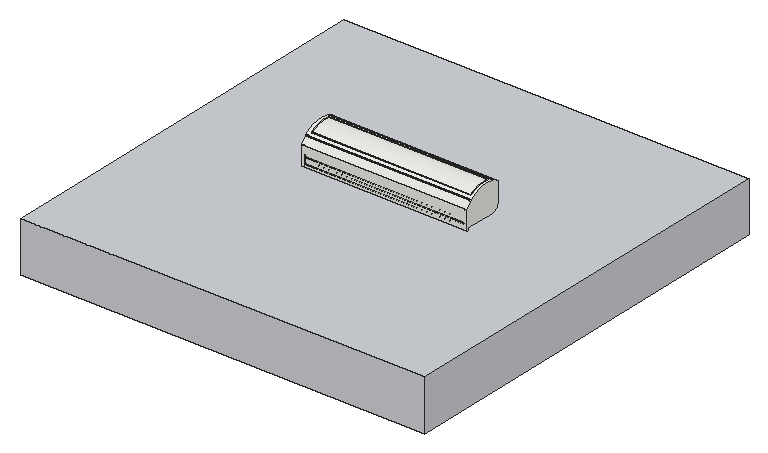
Revit family "ГРЕЕРС ЗВ - 100 Е", category Osprzęt elektryczny, Revit 2016
Family settings
  Obiekt nadrzędny = Powierzchnia
  Zachowaj orientację opisów = Nie
  Typ części = Normalny
  Wymiar okrągłego złącza = Użyj średnicy
  Tnij formami wycięć po wczytaniu = Nie
  Współdzielony = Nie
  Punkt obliczania pomieszczeń = Nie
Parameters (values of type "ГРЕЕРС ЗВ - 100 Е, 3 скорость, 3x400B")
  Тепловая мощность = 6.5 kW
  Полная мощность = if(Напряжение питания = 400 V, 230 V * 3 * Номинальный ток, 230 V * Номинальный ток)  # 6486 VA
  Номинальный ток = 9.4 A
  Напряжение питания = 400 V
  Материал 2 = ГРЕЕРС-сталь,перфорация-белый
  Материал = ГРЕЕРС-сталь-белый
  Коэффициент мощности = 1
  Количество фаз = 3
  Классификация нагрузки = ДРУГОЕ
  Длина = 1000.00 mm  # constant formula
  Данные продукта = "https://greers.ru/vozdushnye-zavesy/"
  Вес аппарата = 14.50 kg
  Вентилятор = "Однофазный двигатель с поперечным ротором"
  Автор = "www.archispace.com"
  URL = ""
  Producent = "ГРЕЕРС"
  Opis = "Воздушная завеса"
  Model = "ГРЕЕРС ЗВ - 100 Е"
  IP = "21"
  Domyślna rzędna = 2200.00 mm
Types (6, lengths in mm): name | Тепловая мощность | Полная мощность | Номинальный ток | Напряжение питания | Количество фаз
  ГРЕЕРС ЗВ - 100 Е, 1 скорость, 3x400B | 6.1 kW | 6072 VA | 8.8 A | 400 V | 3
  ГРЕЕРС ЗВ - 100 Е, 2 скорость, 3x400B | 6.4 kW | 6279 VA | 9.1 A | 400 V | 3
  ГРЕЕРС ЗВ - 100 Е, 3 скорость, 3x400B | 6.5 kW | 6486 VA | 9.4 A | 400 V | 3
  ГРЕЕРС ЗВ - 100 Е, 1 скорость, 1x230B | 6.1 kW | 6072 VA | 26.4 A | 230 V | 1
  ГРЕЕРС ЗВ - 100 Е, 2 скорость, 1x230B | 6.4 kW | 6279 VA | 27.3 A | 230 V | 1
  ГРЕЕРС ЗВ - 100 Е, 3 скорость, 1x230B | 6.5 kW | 6486 VA | 28.2 A | 230 V | 1
Reference planes
  plane 1 "Środek (Przód/Tył)": y = 0
  plane 2: z = 0
  plane 3 "Środek (Lewa/Prawa)": x = 0
Forms (mm)
  Extrusion 1, solid
    sketch origin (0, 0, 0) x (1, 0, 0) y (0, 1, 0)
      loop
        line (-1219.2, 1219.2) -> (-1219.2, -1219.2) -> (1219.2, -1219.2) -> (1219.2, 1219.2) -> (-1219.2, 1219.2)
    from 0 to -304.8
Dimensions and locks
  aligned and locked: plane 2 to Extrusion 1
  aligned and locked: level to Extrusion 1
  aligned and locked: plane 3 "Środek (Lewa/Prawa)" to nested 1
  aligned and locked: plane 1 "Środek (Przód/Tył)" to nested 1
Nested families
  nested 1: "ГРЕЕРС ЗВ - 100 Е" at (0, 0, 0), type "ГРЕЕРС ЗВ - 100 Е+"
Connectors
  electrical at (0, 235.182, 54.049), driven by "Напряжение питания", driven by "Полная мощность", driven by "Коэффициент мощности", driven by "Классификация нагрузки", driven by "Количество фаз"
    settings: on nested 1, index 9, voltage 400 V, apparent load 6486 VA, apparent load phase1 0 VA, apparent load phase2 0 VA, apparent load phase3 0 VA, power factor 1, load classification "ДРУГОЕ", number of poles 3, system type 30, power factor state 1, is connector primary yes, connector utility no, sub classification motor no, connector description ""
  electrical at (-59, 235.182, 85.024)
    settings: on nested 1, index 10, voltage 0 V, apparent load 0 VA, apparent load phase1 0 VA, apparent load phase2 0 VA, apparent load phase3 0 VA, power factor 1, load classification "Inne", number of poles 1, system type 13, power factor state 1, is connector primary no, connector utility no, sub classification motor no, connector description "Регулятор ТS"
  electrical at (59, 235.182, 85.024)
    settings: on nested 1, index 11, voltage 0 V, apparent load 0 VA, apparent load phase1 0 VA, apparent load phase2 0 VA, apparent load phase3 0 VA, power factor 1, load classification "Inne", number of poles 1, system type 13, power factor state 1, is connector primary no, connector utility no, sub classification motor no, connector description "Конечный датчик"
Definition of nested family "ГРЕЕРС ЗВ - 100 Е"
  Parameters
    materiał perforacja = none
    materiał = none
    długość = 1000.00 mm
  Reference planes
    plane 1 "Środek (Przód/Tył)": y = 0
    plane 2: z = 0
    plane 3 "Środek (Lewa/Prawa)": x = 0
    plane 4: x = -500
    plane 5: x = 500
    plane 6: x = -480
    plane 7: x = 480
    plane 8: x = 250
    plane 9: x = -250
  Forms (mm)
    Extrusion 1, solid, material <- "materiał", detail levels medium
      sketch origin (0, 300, 0) x (0, 1, 0) y (0, 0, 1)
        loop
          line (-72.756, 170.564) -> (-81.693, 181.358)
          arc (-81.693, 181.358) -> (-82.051, 181.684) -> (-82.482, 181.903) r 1.8
          line (-82.482, 181.903) -> (-98.157, 187.357)
          arc (-98.157, 187.357) -> (-98.505, 187.566) -> (-98.742, 187.895) r 1
          line (-98.742, 187.895) -> (-99.846, 190.375)
          arc (-99.846, 190.375) -> (-100.355, 191.039) -> (-101.109, 191.402) r 1.8
          arc (-101.109, 191.402) -> (-188.803, 190.806) -> (-267.88, 152.892) r 200.8
          arc (-267.88, 152.892) -> (-268.406, 152.22) -> (-268.563, 151.381) r 1.8
          line (-268.563, 151.381) -> (-268.42, 148.651)
          arc (-268.42, 148.651) -> (-268.477, 148.263) -> (-268.678, 147.927) r 1
          line (-268.678, 147.927) -> (-299.538, 113.654)
          arc (-299.538, 113.654) -> (-299.88, 113.094) -> (-300, 112.449) r 1.8
          line (-300, 112.449) -> (-300, 0) -> (-292.2, 0) -> (-292.2, 13.085) -> (-113.282, 13.085)
          arc (-113.282, 13.085) -> (-84.316, 25.083) -> (-72.318, 54.049) r 40.964
          line (-72.318, 54.049) -> (-72.318, 169.336)
          arc (-72.318, 169.336) -> (-72.431, 169.988) -> (-72.756, 170.564) r 1.943
      from -500 to 500
    Extrusion 2, solid, material <- "materiał", detail levels coarse
      sketch origin (0, 0, 0) x (0, 1, 0) y (0, 0, 1)
        loop
          arc (227.682, 182.867) -> (103.817, 188.954) -> (0, 121.12) r 200.8
          line (0, 121.12) -> (0, 0) -> (227.682, 0) -> (227.682, 182.867)
      from -500 to 500
    Extrusion 3, solid, material <- "materiał", detail levels fine
      sketch origin (0, 0, 0) x (0, 1, 0) y (0, 0, 1)
        loop
          line (227.244, 170.564) -> (218.307, 181.358)
          arc (218.307, 181.358) -> (217.949, 181.684) -> (217.518, 181.903) r 1.8
          line (217.518, 181.903) -> (201.843, 187.357)
          arc (201.843, 187.357) -> (201.495, 187.566) -> (201.258, 187.895) r 1
          line (201.258, 187.895) -> (200.154, 190.375)
          arc (200.154, 190.375) -> (199.645, 191.039) -> (198.891, 191.402) r 1.8
          arc (198.891, 191.402) -> (111.197, 190.806) -> (32.12, 152.892) r 200.8
          arc (32.12, 152.892) -> (31.594, 152.22) -> (31.437, 151.381) r 1.8
          line (31.437, 151.381) -> (31.58, 148.651)
          arc (31.58, 148.651) -> (31.523, 148.263) -> (31.322, 147.927) r 1
          line (31.322, 147.927) -> (0.462, 113.654)
          arc (0.462, 113.654) -> (0.12, 113.094) -> (0, 112.449) r 1.8
          line (0, 112.449) -> (0, 0) -> (7.8, 0) -> (7.8, 13.085) -> (186.718, 13.085)
          arc (186.718, 13.085) -> (215.684, 25.083) -> (227.682, 54.049) r 40.964
          line (227.682, 54.049) -> (227.682, 169.336)
          arc (227.682, 169.336) -> (227.569, 169.988) -> (227.244, 170.564) r 1.943
      from -500 to 500
    Extrusion 4, void
      sketch origin (0, 0, 0) x (0, 1, 0) y (0, 0, 1)
        loop
          line (52, 224.939) -> (52, 114.939) -> (180, 114.939) -> (180, 224.939) -> (52, 224.939)
      from -480 to 480
    Extrusion 5, solid, material <- "materiał perforacja", detail levels fine
      sketch origin (0, 0, 0) x (0, 1, 0) y (0, 0, 1)
        loop
          arc (180, 194.56) -> (113.664, 191.359) -> (52, 166.696) r 200.8
          line (52, 166.696) -> (52, 164.35)
          arc (52, 164.35) -> (113.61, 189.3) -> (180, 192.546) r 198.8
          line (180, 192.546) -> (180, 194.56)
      from -480 to 480
    Extrusion 6, void
      sketch origin (0, 0, 0) x (0, 1, 0) y (0, 0, 1)
        loop
          line (0, 15.085) -> (25, 15.085) -> (25, 70.085) -> (0, 70.085) -> (0, 62.585) -> (15, 62.585) -> (15, 60.585) -> (0, 60.585) -> (0, 53.085) -> (15, 53.085) -> (15, 51.085) -> (0, 51.085) -> (0, 43.585) -> (15, 43.585) -> (15, 41.585) -> (0, 41.585) -> (0, 34.085) -> (15, 34.085) -> (15, 32.085) -> (0, 32.085) -> (0, 24.585) -> (15, 24.585) -> (15, 22.585) -> (0, 22.585) -> (0, 15.085)
      from -480 to 480
    Extrusion 7, solid, material <- "materiał"
      sketch origin (0, 0, 0) x (0, 1, 0) y (0, 0, 1)
        loop
          line (10, 0) -> (172, 0) -> (172, 13.085) -> (10, 13.085) -> (10, 0)
      from -250 to 250
    Extrusion 8, solid, material <- "materiał"
      sketch origin (0, 0, 0) x (0, 1, 0) y (0, 0, 1)
        loop
          line (227.682, 54.049) -> (242.682, 54.049) -> (242.682, 116) -> (227.682, 116) -> (227.682, 54.049)
      from -59 to 59
  Cuts and joins
    Extrusion 4, Extrusion 6 cuts Extrusion 3
  Dimensions and locks
    equal spacing: plane 4, plane 3 "Środek (Lewa/Prawa)", plane 5
    "długość": plane 4 to plane 5
    locked: plane 4 to plane 6 at 20
    locked: plane 7 to plane 5 at 20
    equal spacing: plane 4, plane 9, plane 3 "Środek (Lewa/Prawa)"
    equal spacing: plane 3 "Środek (Lewa/Prawa)", plane 8, plane 5
    aligned and locked: level to plane 2
    aligned and locked: Extrusion 2 to plane 4
    aligned and locked: Extrusion 1 to plane 4
    aligned and locked: Extrusion 2 to plane 5
    aligned and locked: Extrusion 1 to plane 5
    aligned and locked: Extrusion 3 to plane 4
    aligned and locked: Extrusion 3 to plane 5
    aligned and locked: Extrusion 4 to plane 6
    aligned and locked: Extrusion 4 to plane 7
    aligned and locked: Extrusion 5 to plane 6
    aligned and locked: Extrusion 5 to plane 7
    aligned and locked: Extrusion 6 to plane 7
    aligned and locked: Extrusion 6 to plane 6
    aligned and locked: plane 8 to Extrusion 7
    aligned and locked: plane 9 to Extrusion 7
  Automatic sketch dimensions
    Extrusion 1 sketch curve to level = 0.00 mm
    Extrusion 1 sketch curve to plane 1 "Środek (Przód/Tył)" = 0.00 mm
    Extrusion 1 sketch curve to Extrusion 1 sketch curve = 1.80 mm
    Extrusion 1 sketch curve to plane 1 "Środek (Przód/Tył)" = 7.80 mm
    Extrusion 1 sketch curve to plane 1 "Środek (Przód/Tył)" = 30.581 mm
    Extrusion 1 sketch curve to Extrusion 1 sketch curve = 0.742 mm
    Extrusion 1 sketch curve to Extrusion 1 sketch curve = 0.856 mm
    Extrusion 1 sketch curve to Extrusion 1 sketch curve = 1.797 mm
    Extrusion 1 sketch curve to plane 1 "Środek (Przód/Tył)" = 156.375 mm
    Extrusion 1 sketch curve to Extrusion 1 sketch curve = 30.343 mm
    Extrusion 1 sketch curve to Extrusion 1 sketch curve = 165.276 mm
    Extrusion 1 sketch curve to Extrusion 1 sketch curve = 3.662 mm
    Extrusion 1 sketch curve to Extrusion 1 sketch curve = 14.754 mm
    Extrusion 1 sketch curve to Extrusion 1 sketch curve = 1.38 mm
    Extrusion 1 sketch curve to Extrusion 1 sketch curve = 8.812 mm
    Extrusion 1 sketch curve to Extrusion 1 sketch curve = 1.505 mm
    Extrusion 1 sketch curve to Extrusion 1 sketch curve = 40.964 mm
    Extrusion 1 sketch curve to Extrusion 1 sketch curve = 13.085 mm
    Extrusion 1 sketch curve to Extrusion 1 sketch curve = 58.894 mm
    Extrusion 1 sketch curve to Extrusion 1 sketch curve = 117.295 mm
    Extrusion 1 sketch curve to Extrusion 1 sketch curve = 35.478 mm
    Extrusion 1 sketch curve to Extrusion 1 sketch curve = 0.671 mm
    Extrusion 1 sketch curve to Extrusion 1 sketch curve = 2.783 mm
    Extrusion 1 sketch curve to Extrusion 1 sketch curve = 0.097 mm
    Extrusion 1 sketch curve to Extrusion 1 sketch curve = 174.181 mm
    Extrusion 1 sketch curve to Extrusion 1 sketch curve = 10.867 mm
    Extrusion 1 sketch curve to Extrusion 1 sketch curve = 1.155 mm
    Extrusion 1 sketch curve to Extrusion 1 sketch curve = 8.099 mm
    Extrusion 1 sketch curve to Extrusion 1 sketch curve = 1.341 mm
    Extrusion 1 sketch curve to plane 1 "Środek (Przód/Tył)" = 0.462 mm
    Extrusion 1 sketch curve to Extrusion 1 sketch curve = 0.00 mm  (x14)
    Extrusion 1 sketch curve to Extrusion 1 sketch curve = 0.257 mm
    Extrusion 1 sketch curve to Extrusion 1 sketch curve = 1.263 mm
    Extrusion 1 sketch curve to Extrusion 1 sketch curve = 0.914 mm
    Extrusion 1 sketch curve to Extrusion 1 sketch curve = 0.585 mm
    Extrusion 1 sketch curve to Extrusion 1 sketch curve = 0.789 mm
    Extrusion 1 sketch curve to Extrusion 1 sketch curve = 0.944 mm
    Extrusion 2 sketch curve to level = 0.00 mm
    Extrusion 2 sketch curve to Extrusion 2 sketch curve = 71.306 mm
    Extrusion 2 sketch curve to Extrusion 2 sketch curve = 4.846 mm
    Extrusion 2 sketch curve to plane 1 "Środek (Przód/Tył)" = 0.00 mm
    Extrusion 2 sketch curve to Extrusion 2 sketch curve = 125.966 mm
    Extrusion 2 sketch curve to plane 1 "Środek (Przód/Tył)" = 156.375 mm
    plane 1 "Środek (Przód/Tył)" to Extrusion 3 sketch curve = 0.00 mm
    Extrusion 3 sketch curve to Extrusion 3 sketch curve = 1.80 mm
    Extrusion 3 sketch curve to Extrusion 3 sketch curve = 7.80 mm
    Extrusion 3 sketch curve to Extrusion 3 sketch curve = 28.781 mm
    Extrusion 3 sketch curve to Extrusion 3 sketch curve = 0.742 mm
    Extrusion 3 sketch curve to Extrusion 3 sketch curve = 0.856 mm
    Extrusion 3 sketch curve to Extrusion 3 sketch curve = 1.797 mm
    Extrusion 3 sketch curve to Extrusion 3 sketch curve = 148.575 mm
    Extrusion 3 sketch curve to Extrusion 3 sketch curve = 30.343 mm
    Extrusion 3 sketch curve to Extrusion 3 sketch curve = 165.276 mm
    Extrusion 3 sketch curve to Extrusion 3 sketch curve = 3.662 mm
    Extrusion 3 sketch curve to Extrusion 3 sketch curve = 14.754 mm
    Extrusion 3 sketch curve to Extrusion 3 sketch curve = 1.38 mm
    Extrusion 3 sketch curve to Extrusion 3 sketch curve = 8.812 mm
    Extrusion 3 sketch curve to Extrusion 3 sketch curve = 1.505 mm
    Extrusion 3 sketch curve to Extrusion 3 sketch curve = 40.964 mm
    level to Extrusion 3 sketch curve = 0.00 mm
    Extrusion 3 sketch curve to Extrusion 3 sketch curve = 13.085 mm
    Extrusion 3 sketch curve to Extrusion 3 sketch curve = 58.894 mm
    Extrusion 3 sketch curve to Extrusion 3 sketch curve = 117.295 mm
    Extrusion 3 sketch curve to Extrusion 3 sketch curve = 35.478 mm
    Extrusion 3 sketch curve to Extrusion 3 sketch curve = 0.671 mm
    Extrusion 3 sketch curve to Extrusion 3 sketch curve = 2.783 mm
    Extrusion 3 sketch curve to Extrusion 3 sketch curve = 0.097 mm
    Extrusion 3 sketch curve to Extrusion 3 sketch curve = 174.181 mm
    Extrusion 3 sketch curve to Extrusion 3 sketch curve = 10.867 mm
    Extrusion 3 sketch curve to Extrusion 3 sketch curve = 1.155 mm
    Extrusion 3 sketch curve to Extrusion 3 sketch curve = 8.099 mm
    Extrusion 3 sketch curve to Extrusion 3 sketch curve = 1.341 mm
    Extrusion 3 sketch curve to Extrusion 3 sketch curve = 0.462 mm
    Extrusion 3 sketch curve to Extrusion 3 sketch curve = 0.00 mm  (x14)
    Extrusion 3 sketch curve to Extrusion 3 sketch curve = 0.257 mm
    Extrusion 3 sketch curve to Extrusion 3 sketch curve = 1.263 mm
    Extrusion 3 sketch curve to Extrusion 3 sketch curve = 0.914 mm
    Extrusion 3 sketch curve to Extrusion 3 sketch curve = 0.585 mm
    Extrusion 3 sketch curve to Extrusion 3 sketch curve = 0.789 mm
    Extrusion 3 sketch curve to Extrusion 3 sketch curve = 0.944 mm
    Extrusion 4 sketch curve to Extrusion 4 sketch curve = 128.00 mm
    level to Extrusion 4 sketch curve = 114.939 mm
    Extrusion 4 sketch curve to Extrusion 4 sketch curve = 110.00 mm
    Extrusion 4 sketch curve to plane 1 "Środek (Przód/Tył)" = 52.00 mm
    Extrusion 5 sketch curve to plane 1 "Środek (Przód/Tył)" = 156.375 mm
    Extrusion 5 sketch curve to level = 4.846 mm
    Extrusion 5 sketch curve to plane 1 "Środek (Przód/Tył)" = 52.00 mm
    Extrusion 5 sketch curve to Extrusion 5 sketch curve = 23.625 mm
    Extrusion 5 sketch curve to Extrusion 5 sketch curve = 25.85 mm
    Extrusion 5 sketch curve to Extrusion 5 sketch curve = 2.346 mm
    Extrusion 5 sketch curve to Extrusion 5 sketch curve = 0.00 mm  (x2)
    Extrusion 7 sketch curve to level = 0.00 mm
    Extrusion 7 sketch curve to plane 1 "Środek (Przód/Tył)" = 10.00 mm
    Extrusion 7 sketch curve to Extrusion 7 sketch curve = 162.00 mm
    level to Extrusion 7 sketch curve = 13.085 mm
    Extrusion 8 sketch curve to plane 1 "Środek (Przód/Tył)" = 227.682 mm
    level to Extrusion 8 sketch curve = 116.00 mm
    level to Extrusion 8 sketch curve = 54.049 mm
    Extrusion 8 sketch curve to Extrusion 8 sketch curve = 15.00 mm
    Extrusion 6 sketch curve to plane 1 "Środek (Przód/Tył)" = 0.00 mm  (x6)
    Extrusion 6 sketch curve to Extrusion 6 sketch curve = 15.00 mm
    Extrusion 6 sketch curve to Extrusion 6 sketch curve = 0.00 mm  (x4)
    Extrusion 6 sketch curve to Extrusion 6 sketch curve = 10.00 mm
    level to Extrusion 6 sketch curve = 15.085 mm
    Extrusion 6 sketch curve to Extrusion 6 sketch curve = 7.50 mm  (x6)
    Extrusion 6 sketch curve to Extrusion 6 sketch curve = 2.00 mm  (x5)
